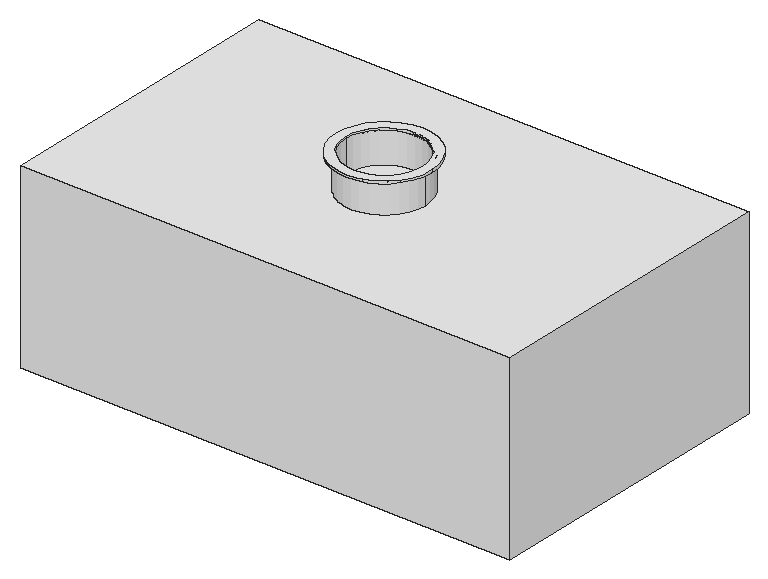
Revit family "Lighting-Recessed-Lucifer-A2RS", category Lighting Fixtures, host Face, Revit 2017
Family settings
  Host = Face
  Round Connector Dimension = Use Diameter
  Part Type = Normal
  Cut with Voids When Loaded = No
  Light Source = Yes
  Shared = No
  Room Calculation Point = No
Parameters (values of type "IC")
  Wattage = 9.2903 W
  built-in parameter 1150110 = 1 (stored number, unit not read)
  Voltage = 0 V
  URL = "http://www.luciferlighting.com/"
  Trim [instance] = yes
  built-in parameter 1114217 = 1 (stored number, unit not read)
  Tilt Angle = -90.00°
  built-in parameter 1150109 = 1 (stored number, unit not read)
  built-in parameter 1150134 = 3
  built-in parameter 1150113 = 1 (stored number, unit not read)
  Power Factor = 1
  Photometric Web File = "Load File"
  Number of Poles = 1
  built-in parameter 1150142 = (empty or 0)
  Model = "A2RS"
  Manufacturer = "Lucifer Lighting"
  built-in parameter 1150105 = 109.82 (stored number, unit not read)
  Lumens = 1380 lm
  built-in parameter 1150115 = 1 (stored number, unit not read)
  built-in parameter 1150137 = (empty or 0)
  built-in parameter 1150139 = (empty or 0)
  built-in parameter 1150112 = 1 (stored number, unit not read)
  built-in parameter 1150114 = 1 (stored number, unit not read)
  Lamp = "LED"
  built-in parameter 1150132 = (empty or 0)
  built-in parameter 1150102 = (empty or 0)
  built-in parameter 1150107 = 3200 (stored number, unit not read)
  built-in parameter 1150138 = (empty or 0)
  built-in parameter 1150106 = 1.0982 (stored number, unit not read)
  Housing Width = 7.75"
  Housing Length = 12.75"
  Housing Height = 5.52"
  Emit from Circle Diameter = 2.00"
  Emit Shape Visible in Rendering = no
  built-in parameter 1150104 = 13.8 (stored number, unit not read)
  Dimming Lamp Color Temperature Shift = <None>
  Description = "Recessed Adjustable"
  Default Elevation = 48.00"
  Color Filter = 16777215
  built-in parameter 1114218 = 1 (stored number, unit not read)
  built-in parameter 1150133 = 10 (stored number, unit not read)
  Apparent Load = 0 VA
Reference planes (in)
  plane 1 "Center (Front/Back)": y = 0
  plane 2: z = 0
  plane 3 "Center (Left/Right)": x = 0
  plane 4: y = 3.875
  plane 5: y = -3.875
  plane 6: z = -5.52
  plane 7: y = 3.875
  plane 8: y = -3.875
  plane 9: x = 6.375
  plane 10: x = -6.375
Forms (in)
  Extrusion 1, solid, material "Housing"
    sketch origin (0, 0, 0) x (1, 0, 0) y (0, 1, 0)
      loop
        line (-6.375, 3.875) -> (-6.375, -3.875) -> (6.375, -3.875) -> (6.375, 3.875) -> (-6.375, 3.875)
    from -5.52 to -0.8255
  Extrusion 2, solid, material "Trim Finish", visible <- "Trim"
    sketch origin (0, 0, 0) x (1, 0, 0) y (0, 1, 0)
      loop
        circle (0, 0) r 1.24
      loop
        circle (0, 0) r 1
    from 0 to 0.05232
  Extrusion 3, void
    sketch origin (0, 0, 0) x (1, 0, 0) y (0, 1, 0)
      loop
        circle (0, 0) r 1
    from -0.8255 to 0.05232
  Extrusion 4, solid, material "Housing"
    sketch origin (0, 0, 0) x (1, 0, 0) y (0, 1, 0)
      loop
        circle (0, 0) r 1
      loop
        circle (0, 0) r 1.07372
    from -0.8255 to 0
Dimensions and locks (in)
  equal spacing: plane 4, plane 1 "Center (Front/Back)", plane 5
  "Housing Width": plane 4 to plane 5
  "Housing Height": host face to plane 6
  equal spacing: plane 10, plane 3 "Center (Left/Right)", plane 9
  "Housing Length": plane 10 to plane 9
  equal spacing: plane 7, plane 1 "Center (Front/Back)", plane 8
  "Housing Width": plane 7 to plane 8
  plane 1 "Center (Front/Back)" to Extrusion 1 = 3.875"
  aligned and locked: plane 2 to host face
  aligned and locked: level to host face
  aligned and locked: Extrusion 1 sketch curve to plane 4
  aligned and locked: plane 5 to Extrusion 1 sketch curve
  aligned and locked: Extrusion 3 to Extrusion 1
  aligned and locked: Extrusion 2 to Extrusion 3
  aligned and locked: Extrusion 4 to Extrusion 1
  aligned and locked: level to Extrusion 4
  aligned and locked: Extrusion 1 to plane 6
  aligned and locked: plane 9 to Extrusion 1
Automatic sketch dimensions
  host sketch curve to host sketch curve = 96.00"  (x2)
  Extrusion 2 sketch curve to Extrusion 2 sketch curve = 0.00"  (x2)
  plane 1 "Center (Front/Back)" to Extrusion 2 sketch curve = 0.00"
  Extrusion 2 sketch curve to plane 3 "Center (Left/Right)" = 0.00"
  Extrusion 4 sketch curve to Extrusion 4 sketch curve = 0.00"  (x2)
  plane 1 "Center (Front/Back)" to Extrusion 4 sketch curve = 0.00"
  Extrusion 4 sketch curve to plane 3 "Center (Left/Right)" = 0.00"
  plane 1 "Center (Front/Back)" to Extrusion 3 sketch curve = 0.00"
  Extrusion 3 sketch curve to plane 3 "Center (Left/Right)" = 0.00"
  Extrusion 1 sketch curve to plane 10 = 0.00"
  Extrusion 1 sketch curve to plane 9 = 0.00"
  radius of Extrusion 2 sketch curve = 1.24"
  radius of Extrusion 2 sketch curve = 1.00"
  radius of Extrusion 4 sketch curve = 1.00"
  radius of Extrusion 4 sketch curve = 1.07372"
  radius of Extrusion 3 sketch curve = 1.00"
Connectors (in)
  electrical at (0, 0, -5.52), driven by "Number of Poles", driven by "Voltage", driven by "Apparent Load", driven by "Power Factor"
    settings: on Extrusion 1, index 1, voltage 0 V, apparent load 0 VA, apparent load phase1 0 VA, apparent load phase2 0 VA, apparent load phase3 0 VA, power factor 1, load classification "Other", number of poles 1, system type 31, power factor state 1, is connector primary yes, connector utility no, sub classification motor no, connector description "Power"
